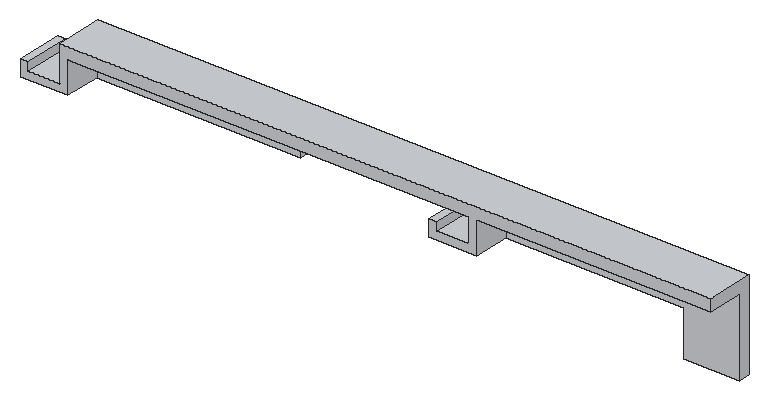
Revit family "Avion tipo 4", category Modelos genéricos, Revit 2024
Family settings
  Puede alojar armadura = No
  Cota de conector redondo = Usar diámetro
  Tipo de pieza = Normal
  Se basa en plano de trabajo = No
  Siempre vertical = Sí
  Corte con vacíos al cargar = No
  Mantener orientación de anotación = No
  Compartido = No
  Punto de cálculo de habitación = No
Parameters
  Elevación por defecto = 0 m
Reference planes (m)
  plane 1 "Centro (Frontal/Posterior)": y = 0
  plane 2: z = 0
  plane 3 "Centro (Izquierda/Derecha)": x = 0
Forms (m)
  Extrusion 1, solid
    sketch origin (0, 0, 0) x (1, 0, 0) y (0, 0, 1)
      loop
        line (-0.775, 0) -> (-0.27, 0) -> (-0.27, -0.03) -> (-0.31, -0.03) -> (-0.31, -0.02) -> (-0.32, -0.02) -> (-0.32, -0.04) -> (-0.27, -0.04) -> (-0.26, -0.04) -> (-0.26, 0) -> (0.035, 0) -> (0.035, 0.015) -> (-0.785, 0.015) -> (-0.785, 0) -> (-0.785, -0.03) -> (-0.825, -0.03) -> (-0.825, -0.02) -> (-0.835, -0.02) -> (-0.835, -0.04) -> (-0.785, -0.04) -> (-0.775, -0.04) -> (-0.775, 0)
    from 0 to 0.059841
  Extrusion 2, solid
    sketch origin (0, 0, 0) x (1, 0, 0) y (0, 1, 0)
      loop
        line (-0.26, -0.014182) -> (0.035, -0.014182) -> (0.035, 0) -> (-0.26, 0) -> (-0.26, -0.014182)
    from -0.04 to 0
  Extrusion 3, solid
    sketch origin (-0.713373, 0, 0) x (1, 0, 0) y (0, 1, 0)
      loop
        line (-0.061627, -0.014182) -> (0.195, -0.014182) -> (0.195, 0) -> (-0.061627, 0) -> (-0.061627, -0.014182)
    from -0.04 to 0
  Extrusion 4, solid
    sketch origin (0, 0, 0) x (1, 0, 0) y (0, 1, 0)
      loop
        line (-0.035, -0.014182) -> (0.035, -0.014182) -> (0.035, 0) -> (-0.035, 0) -> (-0.035, -0.014182)
    from -0.097571 to -0.04
Cuts and joins
  joined: Extrusion 1, Extrusion 2, Extrusion 3, Extrusion 4
Dimensions and locks (m)
  aligned and locked: level to plane 2
